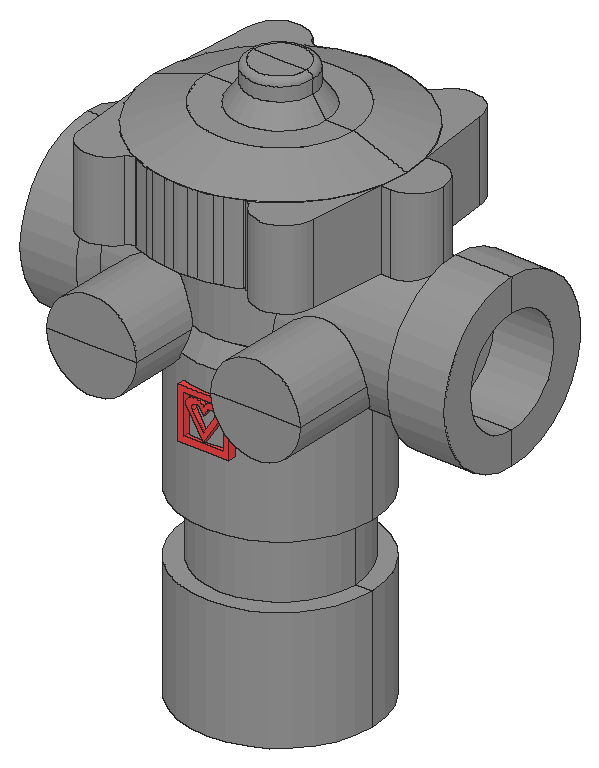
Revit family "Kombiventil 4206_R_SMART", category Rohrzubehör, Revit 2018
Family settings
  Bemaßung runder Anschluss = Durchmesser verwenden
  Teiletyp = Unterbricht
  OmniClass-Nummer = 23.65.55.14
  OmniClass-Titel = Valves for Liquid Services
  Arbeitsebenenbasiert = Nein
  Immer vertikal = Ja
  Beim Laden mit Abzugskörper schneiden = Nein
  Gemeinsam genutzt = Nein
Parameters
  min.Betriebstemperatur (reines Wasser) = 2 °C  # constant formula
  min.Betriebstemperatur (Frostschutz) = -20 °C  # constant formula
  max.Differenzdruck = 400000.0 Pa  # constant formula
  max.Betriebstemperatur bis DN32 = 130 °C  # constant formula
  max.Betriebstemperatur ab DN40 = 110 °C  # constant formula
  max.Betriebsdruck = 1600000.0 Pa  # constant formula
  URL = "www.herz-armaturen.at"
  Stift = "Edelstahl 14301"  # constant formula
  SCRNSEQ = "ARM;ARM_TYP=\"DURR\";2"
  SCRNCODE = "05;04;02"  # constant formula
  S04 [instance] = R01 * 2  # 30.00 mm
  S01 [instance] = L01 + L02  # 75.00 mm
  R02 [instance] = size_lookup("4206R_S", "R2", 9.32 mm, Nennweite)  # 9.316 mm
  R01 [instance] = size_lookup("4206R_S", "R1", 15.00 mm, Nennweite)  # 15.00 mm
  PN = 25  # constant formula
  O-Ringe = "EPDM"  # constant formula
  Membrangehäuse = "Messing CW602N"  # constant formula
  Membrane = "EPDM"  # constant formula
  Medium = "Wasserbeschaffenheit nach ÖNORM H 5195 und VDI 2035.\r\nDie Verwendung von Ethylen- und Propylenglykol ist im Mischungsverhältnis 25 - 50 Vol. [%] zulässig."
  L07 = 119.30°  # constant formula
  L06 = 3.44 mm  # constant formula
  Impulsleitung = "Kupfer Cu-DHP (CW024A)"  # constant formula
  Hersteller = "Herz-Armaturen GmbH"  # constant formula
  H11 = 27.60 mm  # constant formula
  H10 = 22.33 mm  # constant formula
  Gehäuse = "DZR Messing CC770S"  # constant formula
  Druckfeder = "Federstahl"  # constant formula
  Bestellnummer [instance] = size_lookup("4206R_S", "Artnr", 0, Nennweite)  # 1420661
  Bauschutzkappe = "Kunststoff"  # constant formula
  B16 = 26.00 mm  # constant formula
  B15 = 23.00 mm  # constant formula
  B14 = 8.73 mm  # constant formula
  B13 = 40.79 mm  # constant formula
  B12 = 36.73 mm  # constant formula
  B11 = 34.69 mm  # constant formula
  B10 = 31.75 mm  # constant formula
  B09 [instance] = size_lookup("4206R_S", "B9", 3.30 mm, Nennweite)  # 3.30 mm
  Nennweite [instance] = 15.00 mm
  L05 = 3.44 mm  # constant formula
  L04 [instance] = size_lookup("4206R_S", "L4", 12.00 mm, Nennweite)  # 12.00 mm
  L03 [instance] = size_lookup("4206R_S", "L3", 10.00 mm, Nennweite)  # 10.00 mm
  L02 = 34.00 mm  # constant formula
  L01 = 41.00 mm  # constant formula
  H09 = 1.08 mm  # constant formula
  H08 = 4.24 mm  # constant formula
  H07 = 28.19 mm  # constant formula
  H06 = 24.02 mm  # constant formula
  H05 = 10.06 mm  # constant formula
  H04 = 6.74 mm  # constant formula
  H03 = 3.46 mm  # constant formula
  H02 [instance] = size_lookup("4206R_S", "H2", 65.00 mm, Nennweite)  # 65.00 mm
  H01 [instance] = size_lookup("4206R_S", "H1", 32.00 mm, Nennweite)  # 35.00 mm
  B08 = 23.05 mm  # constant formula
  B07 [instance] = size_lookup("4206R_S", "B7", 16.50 mm, Nennweite)  # 16.50 mm
  B06 = 5.86 mm  # constant formula
  B05 = 3.70 mm  # constant formula
  B04 = 6.75 mm  # constant formula
  B03 = 7.93 mm  # constant formula
  B02 [instance] = size_lookup("4206R_S", "B2", 12.50 mm, Nennweite)  # 12.50 mm
  B01 = 41.62 mm  # constant formula
  Anwendungsgebiet = "Das Kombiventil wird in allen pumpenbetriebenen Heiz- und Kühlanlagen eingesetzt. Der Regler begrenzt automatisch\r\nden Volumenstrom im gewählten Anlagenteil auf den einmal eingestellten Wert, indem alle Druckschwankungen\r\ngemessen und ausgeregelt werden. Somit sind keine Messungen erforderlich und die Regelung ist bei allen\r\nBetriebsbedingungen effektiv. Das Kombiventil regelt den Volumenstrom der ventileigenen Voreinstellung auf einen\r\nkonstanten Wert; die Membran regelt aufgrund des Druckes unmittelbar nach dem Regeleinsatz, sowie des Druckes\r\ndavor.\r\nDie Voreinstellung bezieht sich direkt auf den Volumenstrom; entsprechend kann die maximale Durchflussmenge bei\r\nder Montage direkt nach dem Diagramm eingestellt werden."
Reference planes
  plane 1 "Mitte (Vorne/hinten)": y = 0
  plane 2: z = 0
  plane 3 "Mitte (Links/rechts)": x = 0
Forms (mm)
  Revolve 1, solid, material "Messing, weicher Gelbton, geschweißt"
    sketch origin (0, 0, 0) x (1, 0, 0) y (0, 0, 1)
      loop
        line (0, -65) -> (16.292, -65) -> (16.292, -43.48) -> (13.292, -43.48) -> (13.292, -32.232) -> (16.292, -32.232) -> (16.292, -6.498) -> (14.505, -2.652) -> (14.505, 6.81) -> (22.33, 10.98) -> (22.33, 24.94) -> (12.949, 28.26) -> (8.129, 28.26) -> (5.75, 31.54) -> (5.75, 33.92)
        arc (5.75, 33.92) -> (5.434, 34.684) -> (4.67, 35) r 1.08
        line (4.67, 35) -> (0, 35) -> (0, -65)
      axis (0, 35) -> (0, -65)
    angle from 0 to 360
  Revolve 2, solid, material "Messing, weicher Gelbton, geschweißt"
    sketch origin (0, 0, -3.3) x (1, 0, 0) y (0, 1, 0)
      loop
        line (-20.425, -26) -> (-12.5, -26) -> (-12.5, -8.046) -> (-20.425, -8.046) -> (-20.425, -26)
      axis (-12.5, -8.046) -> (-12.5, -26)
    angle from 0 to 360
  Revolve 3, solid, material "Messing, weicher Gelbton, geschweißt"
    sketch origin (0, 0, 0) x (-1, 0, 0) y (0, 0, 1)
      loop
        line (34, 9.316) -> (34, 15) -> (24, 15) -> (22.317, 12) -> (-29.317, 12) -> (-31, 15) -> (-41, 15) -> (-41, 9.316) -> (-30.281, 9.316) -> (-30.281, 0) -> (19.925, 0) -> (19.925, 9.316) -> (34, 9.316)
      axis (-41, 0) -> (34, 0)
    angle from 0 to 360
  Extrusion 4, solid, material "Messing, weicher Gelbton, geschweißt"
    sketch origin (0, 0, 25.912) x (-1, 0, 0) y (0, -1, 0)
      loop
        arc (-20.427, -18.385) -> (-16.688, -23.223) -> (-11.063, -20.825) r 5
        arc (-11.063, -20.825) -> (-10.479, -20.304) -> (-9.74, -20.044) r 2.018
        arc (-9.74, -20.044) -> (0, -22.318) -> (9.74, -20.044) r 22
        arc (9.74, -20.044) -> (10.479, -20.304) -> (11.063, -20.825) r 2.018
        arc (11.063, -20.825) -> (16.688, -23.223) -> (20.427, -18.385) r 5
        arc (20.427, -18.385) -> (22, 0) -> (20.427, 18.385) r 108.221
        arc (20.427, 18.385) -> (16.688, 23.223) -> (11.063, 20.825) r 5
        arc (11.063, 20.825) -> (10.467, 20.297) -> (9.713, 20.04) r 2.018
        arc (9.713, 20.04) -> (0, 22.3) -> (-9.713, 20.04) r 22
        arc (-9.713, 20.04) -> (-10.467, 20.297) -> (-11.063, 20.825) r 2.018
        arc (-11.063, 20.825) -> (-16.688, 23.223) -> (-20.427, 18.385) r 5
        arc (-20.427, 18.385) -> (-21.356, 11.79) -> (-21.877, 5.15) r 108.221
        line (-21.877, 5.15) -> (-23.7, 5.15)
        arc (-23.7, 5.15) -> (-27.342, 3.642) -> (-28.85, 0) r 5.15
        arc (-28.85, 0) -> (-27.342, -3.642) -> (-23.7, -5.15) r 5.15
        line (-23.7, -5.15) -> (-21.877, -5.15)
        arc (-21.877, -5.15) -> (-21.356, -11.79) -> (-20.427, -18.385) r 108.221
    from -14.932 to -0.972
  Revolve 5, solid, material "Messing, weicher Gelbton, geschweißt"
    sketch origin (0, 0, -3.3) x (-1, 0, 0) y (0, -1, 0)
      loop
        line (-24.425, 26) -> (-24.425, 8.046) -> (-16.5, 8.046) -> (-16.5, 26) -> (-24.425, 26)
      axis (-16.5, 8.046) -> (-16.5, 26)
    angle from 0 to 360
Lines and regions (mm)
  model lines, detail levels coarse+medium
    curve 1: line (-37.5, 0, 15) -> (-37.5, 0, -15)
    curve 2: line (-37.5, 0, -15) -> (37.5, 0, 15)
    curve 3: line (37.5, 0, 15) -> (37.5, 0, -15)
    curve 4: line (37.5, 0, -15) -> (-37.5, 0, 15)
    curve 5: line (37.287, 0, -14.915) -> (0, 0, 6.74)
    curve 6: line (0, 0, 6.74) -> (-37.5, 0, -15)
    curve 7: line (0, 0, 6.74) -> (0, 0, 24.94)
    curve 8: spline (-22.326, 0, 29.97) -> (-21.566, 0, 31.272) -> (-19.335, 0, 32.485) -> (-15.787, 0, 33.527) -> (-11.163, 0, 34.326) -> (-5.779, 0, 34.829) -> (0, 0, 35) -> (5.779, 0, 34.829) -> (11.163, 0, 34.326) -> (15.787, 0, 33.527) -> (19.335, 0, 32.485) -> (21.566, 0, 31.272) -> (22.326, 0, 29.97) -> (21.566, 0, 28.668) -> (19.335, 0, 27.455) -> (15.787, 0, 26.413) -> (11.163, 0, 25.614) -> (5.779, 0, 25.111) -> (0, 0, 24.94) -> (-5.779, 0, 25.111) -> (-11.163, 0, 25.614) -> (-15.787, 0, 26.413) -> (-19.335, 0, 27.455) -> (-21.566, 0, 28.668) -> (-22.326, 0, 29.97)
    curve 9: line (37.5, -15, 0) -> (37.5, 15, 0)
    curve 10: line (37.5, 15, 0) -> (-37.5, -15, 0)
    curve 11: line (-37.5, -15, 0) -> (-37.5, 15, 0)
    curve 12: line (-37.5, 15, 0) -> (37.5, -15, 0)
    curve 13: line (-37.5, 14.673, 0) -> (0, -6.74, 0)
    curve 14: line (0, -6.74, 0) -> (37.5, 14.673, 0)
    curve 15: line (0, -6.74, 0) -> (0, -24.94, 0)
    curve 16: spline (-22.33, -29.97, 0) -> (-21.569, -28.668, 0) -> (-19.338, -27.455, 0) -> (-15.79, -26.413, 0) -> (-11.165, -25.614, 0) -> (-5.779, -25.111, 0) -> (0, -24.94, 0) -> (5.779, -25.111, 0) -> (11.165, -25.614, 0) -> (15.79, -26.413, 0) -> (19.338, -27.455, 0) -> (21.569, -28.668, 0) -> (22.33, -29.97, 0) -> (21.569, -31.272, 0) -> (19.338, -32.485, 0) -> (15.79, -33.527, 0) -> (11.165, -34.326, 0) -> (5.779, -34.829, 0) -> (0, -35, 0) -> (-5.779, -34.829, 0) -> (-11.165, -34.326, 0) -> (-15.79, -33.527, 0) -> (-19.338, -32.485, 0) -> (-21.569, -31.272, 0) -> (-22.33, -29.97, 0)
Dimensions and locks
  "H01": Revolve 1 sketch curve to plane 2
  "H02": plane 2 to Revolve 1 sketch curve
  "H03": Revolve 1 sketch curve to Revolve 1 sketch curve
  "H04": Revolve 1 sketch curve to Revolve 1 sketch curve
  "H05": Revolve 1 sketch curve to Revolve 1 sketch curve
  "H06": Revolve 1 sketch curve to Revolve 1 sketch curve
  "H07": Revolve 1 sketch curve to Revolve 1 sketch curve
  "H08": Revolve 1 sketch curve to Revolve 1 sketch curve
  "L02": plane 3 "Mitte (Links/rechts)" to Revolve 3 sketch curve
  "L01": Revolve 3 sketch curve to plane 3 "Mitte (Links/rechts)"
  "L03": Revolve 3 sketch curve to Revolve 3 sketch curve
  "L04": Revolve 3 sketch curve to plane 2
  "L05": Revolve 3 sketch curve to Revolve 3 sketch curve
  "R01": Revolve 3 sketch curve to plane 2  (x2)
  "R02": Revolve 3 sketch curve to plane 2  (x2)
  "B16": Revolve 2 sketch curve to plane 1 "Mitte (Vorne/hinten)"
  "B02": Revolve 2 sketch curve to plane 3 "Mitte (Links/rechts)"
  "B07": plane 3 "Mitte (Links/rechts)" to Revolve 5 sketch curve
  "B16": plane 1 "Mitte (Vorne/hinten)" to Revolve 5 sketch curve
  "L06": Revolve 3 sketch curve to Revolve 3 sketch curve
  "S01": curve 11 to curve 9
  equal spacing: curve 11, plane 3 "Mitte (Links/rechts)", curve 9
  "S04": curve 12 to curve 11
  "S04": curve 10 to curve 12
  equal spacing: curve 10, plane 1 "Mitte (Vorne/hinten)", curve 12
  equal spacing: curve 12, plane 1 "Mitte (Vorne/hinten)", curve 10
  "H10": curve 16 to plane 3 "Mitte (Links/rechts)" to curve 16
  "H10": plane 3 "Mitte (Links/rechts)" to Revolve 1 sketch curve
  "H04": curve 15 to plane 1 "Mitte (Vorne/hinten)"
  "H05": curve 16 to curve 16
  "H01": curve 16 to plane 1 "Mitte (Vorne/hinten)"
  "S01": curve 1 to curve 3
  equal spacing: curve 1, plane 3 "Mitte (Links/rechts)", curve 3
  "S04": curve 4 to curve 6
  "S04": curve 3 to curve 4
  equal spacing: curve 4, plane 2, curve 6
  equal spacing: curve 3, plane 2, curve 4
  "H04": curve 7 to plane 2
  "H01": curve 8 to plane 2
  "H05": curve 8 to curve 8
  plane 2 to Revolve 1 sketch curve = 32.232 mm
  plane 2 to Revolve 1 sketch curve = 43.48 mm
  "H09": radius of Revolve 1 sketch curve
  aligned and locked: level to plane 2
  aligned and locked: Extrusion 4 to Revolve 1
  aligned and locked: Revolve 1 to Extrusion 4
Automatic sketch dimensions
  Extrusion 4 sketch curve to Extrusion 4 sketch curve = 0.00 mm  (x5)
  plane 1 "Mitte (Vorne/hinten)" to Extrusion 4 sketch curve = 0.00 mm  (x3)
  Extrusion 4 sketch curve to plane 3 "Mitte (Links/rechts)" = 0.00 mm  (x2)
  plane 3 "Mitte (Links/rechts)" to Extrusion 4 sketch curve = 9.452 mm  (x2)
  Extrusion 4 sketch curve to Extrusion 4 sketch curve = 5.975 mm  (x4)
  Extrusion 4 sketch curve to plane 1 "Mitte (Vorne/hinten)" = 5.15 mm
  Extrusion 4 sketch curve to Extrusion 4 sketch curve = 6.45 mm
  Extrusion 4 sketch curve to Extrusion 4 sketch curve = 1.823 mm
  Extrusion 4 sketch curve to Extrusion 4 sketch curve = 57.371 mm
  Extrusion 4 sketch curve to plane 3 "Mitte (Links/rechts)" = 9.452 mm  (x2)
  Extrusion 4 sketch curve to Extrusion 4 sketch curve = 70.794 mm
  Extrusion 4 sketch curve to plane 1 "Mitte (Vorne/hinten)" = 18.385 mm
  Extrusion 4 sketch curve to Extrusion 4 sketch curve = 13.235 mm  (x2)
  Extrusion 4 sketch curve to Extrusion 4 sketch curve = 3.657 mm  (x4)
  Extrusion 4 sketch curve to plane 1 "Mitte (Vorne/hinten)" = 0.318 mm
  plane 1 "Mitte (Vorne/hinten)" to Extrusion 4 sketch curve = 0.30 mm
  plane 1 "Mitte (Vorne/hinten)" to Extrusion 4 sketch curve = 18.385 mm
  Extrusion 4 sketch curve to Extrusion 4 sketch curve = 0.261 mm  (x2)
  Extrusion 4 sketch curve to Extrusion 4 sketch curve = 0.288 mm  (x2)
  Extrusion 4 sketch curve to Extrusion 4 sketch curve = 1.35 mm  (x2)
  Extrusion 4 sketch curve to Extrusion 4 sketch curve = 1.323 mm
  Extrusion 4 sketch curve to Extrusion 4 sketch curve = 5.00 mm
  curve 14 to plane 3 "Mitte (Links/rechts)" = 0.00 mm
  curve 14 to curve 9 = 0.327 mm
  curve 13 to curve 11 = 0.327 mm
  Revolve 1 sketch curve to plane 3 "Mitte (Links/rechts)" = 0.00 mm  (x2)
  plane 3 "Mitte (Links/rechts)" to Revolve 1 sketch curve = 4.67 mm
  Revolve 1 sketch curve to Revolve 1 sketch curve = 2.379 mm
  Revolve 1 sketch curve to Revolve 1 sketch curve = 4.82 mm
  plane 3 "Mitte (Links/rechts)" to Revolve 1 sketch curve = 13.292 mm
  Revolve 1 sketch curve to level = 2.652 mm
  plane 3 "Mitte (Links/rechts)" to Revolve 1 sketch curve = 14.505 mm
  Revolve 1 sketch curve to Revolve 1 sketch curve = 3.00 mm  (x2)
  Revolve 1 sketch curve to Revolve 1 sketch curve = 292.892 mm
  Revolve 1 sketch curve to Revolve 1 sketch curve = 2176.299 mm
  Revolve 2 sketch curve to Revolve 2 sketch curve = 7.925 mm
  plane 1 "Mitte (Vorne/hinten)" to Revolve 2 sketch curve = 8.046 mm
  Revolve 2 sketch curve to Revolve 2 sketch curve = 0.00 mm  (x2)
  Revolve 2 sketch curve to Revolve 2 sketch curve = 15.617 mm
  Revolve 3 sketch curve to level = 0.00 mm  (x2)
  Revolve 3 sketch curve to Revolve 3 sketch curve = 10.00 mm
  Revolve 3 sketch curve to Revolve 3 sketch curve = 0.964 mm
  Revolve 3 sketch curve to Revolve 3 sketch curve = 2.391 mm
  Revolve 3 sketch curve to Revolve 3 sketch curve = 1315.107 mm
  Revolve 3 sketch curve to Revolve 3 sketch curve = 1862.053 mm
  Revolve 5 sketch curve to Revolve 5 sketch curve = 7.925 mm
  plane 1 "Mitte (Vorne/hinten)" to Revolve 5 sketch curve = 8.046 mm
  Revolve 5 sketch curve to Revolve 5 sketch curve = 0.00 mm  (x2)
  Revolve 5 sketch curve to Revolve 5 sketch curve = 15.617 mm
  curve 6 to plane 3 "Mitte (Links/rechts)" = 0.00 mm
  curve 8 to plane 3 "Mitte (Links/rechts)" = 0.00 mm
  curve 1 to curve 8 = 15.174 mm
  curve 5 to level = 14.915 mm
Nested families
  nested 1: "Herz-Logo-vorne" at (0, -16.164, -15) x (0, 1, 0) z (0, 0, 1), type "Herz-Logo-vorne"
Connectors
  piping at (30.281, 0, 0), diameter 15, driven by "Nennweite"
    settings: on Revolve 3, index 1, connector inside diameter 609.6 mm, connector length 0.00 mm, flow factor 0, pipe flow 0.0 L/s, pressure drop 0.0 Pa, fitting loss kfactor 0, connector angle 0.00°, fixture units 0, engagement length 0.00 mm, angle of deflection 0.00°, flow configuration 0, flow direction 1, fitting loss method 0, system type 29, joint type 0, gender type 0, connector reference index -1, connector utility 0, adjustable connector no, is connector primary yes, connector description ""
  piping at (-19.925, 0, 0), diameter 15, driven by "Nennweite"
    settings: on Revolve 3, index 2, connector inside diameter 609.6 mm, connector length 0.00 mm, flow factor 0, pipe flow 0.0 L/s, pressure drop 0.0 Pa, fitting loss kfactor 0, connector angle 0.00°, fixture units 0, engagement length 0.00 mm, angle of deflection 0.00°, flow configuration 0, flow direction 2, fitting loss method 0, system type 29, joint type 0, gender type 0, connector reference index -1, connector utility 0, adjustable connector no, is connector primary no, connector description ""
Definition of nested family "Herz-Logo-vorne"
  Reference planes
    plane 1 "Mitte (Vorne/hinten)": y = 0
    plane 2: z = 0
    plane 3 "Mitte (Links/rechts)": x = 0
  Forms (mm)
    Extrusion 1, solid
      sketch origin (0.732, -0.018, 0.017) x (0, -1, 0) y (0, 0, 1)
        loop
          line (-0.018, -4.517) -> (4.482, -4.517) -> (4.482, 4.483) -> (-4.518, 4.483) -> (-4.518, -4.517) -> (-0.018, -4.517)
        loop
          line (-0.05, -3.48) -> (3.482, -3.48) -> (3.482, 3.483) -> (-3.518, 3.483) -> (-3.518, -3.48) -> (-0.05, -3.48)
        loop
          arc (-0.018, 2.383) -> (-1.543, 3.287) -> (-3.067, 2.383) r 1.738
          arc (-3.067, 2.383) -> (-3.191, 1.899) -> (-3.067, 1.415) r 1.009
          line (-3.067, 1.415) -> (-0.018, -3.281) -> (3.032, 1.415)
          arc (3.032, 1.415) -> (3.156, 1.899) -> (3.032, 2.383) r 1.009
          arc (3.032, 2.383) -> (1.507, 3.287) -> (-0.018, 2.383) r 1.738
        loop
          arc (1.885, 1.272) -> (2.005, 1.675) -> (1.885, 2.079) r 0.74
          arc (1.885, 2.079) -> (1.265, 2.416) -> (0.644, 2.079) r 0.74
          line (0.644, 2.079) -> (-0.018, 0.97) -> (-0.679, 2.079)
          arc (-0.679, 2.079) -> (-1.3, 2.416) -> (-1.921, 2.079) r 0.74
          arc (-1.921, 2.079) -> (-2.04, 1.675) -> (-1.921, 1.272) r 0.74
          line (-1.921, 1.272) -> (-0.018, -1.658) -> (1.885, 1.272)
      from 0 to 1.5
  Dimensions and locks
    aligned and locked: level to plane 2
